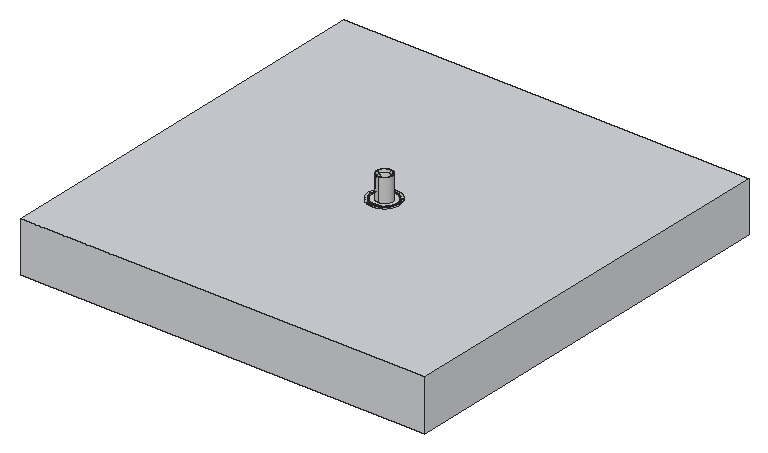
Revit family "LAMP_HANCE DOWNLIGHT SEMIRECESSED MEDIUM FLOOD 3000_4000 (DALI)", category Modelos genéricos, Revit 2015
Parameters (values of type "2744LM 4000K 3000 BLACK")
  Weight = 1.54 kg
  Aro 3000/4000 = yes
  Aro 1000/2000 = no
  Type = "COB PHILIPS"
  Tilting [instance] = if(Tilt < 0.00°, 180.00°, if(Tilt > 85.00°, 265.00°, Tilt + 180.00°))  # 180.00°
  Tilt [instance] = 0.00°
  Recessed diameter = 175 mm
  Protection rating = "IP20"
  Product datasheet = "http://www.lamp.es/product-files/TECH/HD1SR30MF840DBB-EN.pdf"
  Product code = "HD1SR30MF840DBB"
  Product URL = "https://www.lamp.es/en/family/hance-downlight_196363"
  Power Supply = "220-240V 50/60Hz"
  Power = 25 W
  Plum = 27.8 W
  Photometric web file = Cuerpo Hance BASE (tilting)_MF : 2744LM 4000K 3000 BLACK
  Modelo = Product code  # "HD1SR30MF840DBB"
  Model explanation = "Availability of tilting between 0º and 85º when placed in a project."
  Material interior aro = LAMP_Aluminio Hance Negro
  Material aro = LAMP_Aluminio Hance Negro
  Manufacturer name = "LAMP"
  Manufacturer country = "Spain"
  Manufacturer URL = "http://www.lamp.es/en"
  MacAdam = "3"
  Luminaire type = "Indoor - Recessed downlight"
  Last update = "22/11/2019"
  Lamp = "COB LED"
  LED Lifetime = "50.000 L80 B10"
  Insulation class = "II"
  Installation instructions = "https://www.lamp.es/product-files/INS/1004410-B-INSTR.%20DE%20MONTAJE%20HANCE%20DOWNLIGHT.pdf"
  Initial intensity = 2744 lm
  Initial color = 4000 K
  IEE = "A+"
  Gear = "Adjustable DALI"
  Finish = "Texturised black RAL 9011"
  Fabricante = Manufacturer name  # "LAMP"
  Default Elevation = 1219.2 mm
  Efficacy = 98.71 lm/W
  Radio aro exterior = 49 mm
  Diameter = 188 mm
  Descripción = "HANCE DOWN SEMIREC 3000 NW MFL DALI BK."
  Decorative ring [instance] = Aro decorativo 3000_4000 (tilting) : Black
  Comentarios de tipo = Model explanation  # "Availability of tilting between 0º and 85º when placed in a project."
  CRI = "80"
  Altura modulos = 145 mm
Types (8, lengths in mm): name | Product datasheet | Product code | Power | Plum | Photometric web file | Modelo | Material aro | Initial intensity | Initial color | Finish | Efficacy | Descripción
  2744LM 4000K 3000 BLACK | "http://www.lamp.es/product-files/TECH/HD1SR30MF840DBB-EN.pdf" | "HD1SR30MF840DBB" | 25 W | 27.8 W | Cuerpo Hance BASE (tilting)_MF : 2744LM 4000K 3000 BLACK | "HD1SR30MF840DBB" | LAMP_Aluminio Hance Negro | 2744 lm | 4000 K | "Texturised black RAL 9011" | 98.71 lm/W | "HANCE DOWN SEMIREC 3000 NW MFL DALI BK."
  2744LM 4000K 3000 WHITE | "http://www.lamp.es/product-files/TECH/HD1SR30MF840DBW-EN.pdf" | "HD1SR30MF840DBW" | 25 W | 27.8 W | Cuerpo Hance BASE (tilting)_MF : 2744LM 4000K 3000 WHITE | "HD1SR30MF840DBW" | LAMP_Aluminio Hance Blanco | 2744 lm | 4000 K | "Texturised white RAL 9010" | 98.71 lm/W | "HANCE DOWN SEMIREC 3000 NW MFL DALI WH."
  2816LM 3000K 3000 BLACK | "http://www.lamp.es/product-files/TECH/HD1SR30MF830DBB-EN.pdf" | "HD1SR30MF830DBB" | 25 W | 28.2 W | Cuerpo Hance BASE (tilting)_MF : 2816LM 3000K 3000 BLACK | "HD1SR30MF830DBB" | LAMP_Aluminio Hance Negro | 2816 lm | 3000 K | "Texturised black RAL 9011" | 99.85 lm/W | "HANCE DOWN SEMIREC 3000 WW MFL DALI BK."
  2816LM 3000K 3000 WHITE | "http://www.lamp.es/product-files/TECH/HD1SR30MF830DBW-EN.pdf" | "HD1SR30MF830DBW" | 25 W | 28.2 W | Cuerpo Hance BASE (tilting)_MF : 2816LM 3000K 3000 WHITE | "HD1SR30MF830DBW" | LAMP_Aluminio Hance Blanco | 2816 lm | 3000 K | "Texturised white RAL 9010" | 99.85 lm/W | "HANCE DOWN SEMIREC 3000 WW MFL DALI WH."
  3724LM 4000K 4000 BLACK | "http://www.lamp.es/product-files/TECH/HD1SR40MF830DBB-EN.pdf" | "HD1SR40MF830DBB" | 34 W | 37.6 W | Cuerpo Hance BASE (tilting)_MF : 3724LM 3000K 4000 BLACK | "HD1SR40MF830DBB" | LAMP_Aluminio Hance Negro | 3724 lm | 3000 K | "Texturised black RAL 9011" | 99.05 lm/W | "HANCE DOWN SEMIREC 4000 WW MFL DALI BK."
  3724LM 4000K 4000 WHITE | "http://www.lamp.es/product-files/TECH/HD1SR40MF830DBW-EN.pdf" | "HD1SR40MF830DBW" | 34 W | 37.6 W | Cuerpo Hance BASE (tilting)_MF : 3724LM 3000K 4000 WHITE | "HD1SR40MF830DBW" | LAMP_Aluminio Hance Blanco | 3724 lm | 3000 K | "Texturised white RAL 9010" | 99.05 lm/W | "HANCE DOWN SEMIREC 4000 WW MFL DALI WH."
  3875LM 3000K 4000 BLACK | "http://www.lamp.es/product-files/TECH/HD1SR40MF840DBB-EN.pdf" | "HD1SR40MF840DBB" | 34 W | 37.6 W | Cuerpo Hance BASE (tilting)_MF : 3875LM 4000K 4000 BLACK | "HD1SR40MF840DBB" | LAMP_Aluminio Hance Negro | 3875 lm | 4000 K | "Texturised black RAL 9011" | 103.06 lm/W | "HANCE DOWN SEMIREC 4000 NW MFL DALI BK."
  3875LM 3000K 4000 WHITE | "http://www.lamp.es/product-files/TECH/HD1SR40MF840DBW-EN.pdf" | "HD1SR40MF840DBW" | 34 W | 37.6 W | Cuerpo Hance BASE (tilting)_MF : 3875LM 4000K 4000 WHITE | "HD1SR40MF840DBW" | LAMP_Aluminio Hance Blanco | 3875 lm | 4000 K | "Texturised white RAL 9010" | 103.06 lm/W | "HANCE DOWN SEMIREC 4000 NW MFL DALI WH."
Reference planes
  plane 1 "Centro (Frontal/Posterior)": y = 0
  plane 2: z = 0
  plane 3 "Centro (Izquierda/Derecha)": x = 0
Forms (mm)
  Extrusion 1, solid
    sketch origin (0, 0, 0) x (1, 0, 0) y (0, 1, 0)
      loop
        line (-1219.2, 1219.2) -> (-1219.2, -1219.2) -> (1219.2, -1219.2) -> (1219.2, 1219.2) -> (-1219.2, 1219.2)
    from 0 to -304.8
  Revolve 2, solid, material "LAMP_Aluminio Hance Negro" <- "Material aro"
    sketch origin (0, 0, 0) x (1, 0, 0) y (0, 0, 1)
      loop
        line (94, 0) -> (94, 1) -> (79.1, 1) -> (79.1, -38.896) -> (87.1, -38.896) -> (87.1, -37.896) -> (81.6, -37.896) -> (81.6, 0) -> (94, 0)
      axis (0, 1) -> (0, -38.896)
    angle from 0 to 360
  Revolve 3, solid, material "LAMP_Aluminio Hance Negro" <- "Material interior aro", visible <- "Aro 3000/4000"
    sketch origin (0, 0, 0) x (1, 0, 0) y (0, 0, 1)
      loop
        arc (74.724, -0.646) -> (74.448, -1.016) -> (74.348, -1.466) r 1.1
        arc (74.348, -1.466) -> (72.204, -17.889) -> (66.127, -33.297) r 67.535
        arc (66.127, -33.297) -> (65.772, -33.665) -> (65.28, -33.8) r 0.965
        line (65.28, -33.8) -> (0, -33.8) -> (0, -34.8) -> (65.28, -34.8)
        arc (65.28, -34.8) -> (65.772, -34.665) -> (66.127, -34.297) r 0.965
        arc (66.127, -34.297) -> (72.204, -18.889) -> (74.348, -2.466) r 67.535
        arc (74.348, -2.466) -> (74.448, -2.016) -> (74.724, -1.646) r 1.1
        arc (74.724, -1.646) -> (76.762, -0.425) -> (79.1, 0) r 6.641
        line (79.1, 0) -> (79.1, 1)
        arc (79.1, 1) -> (76.762, 0.575) -> (74.724, -0.646) r 6.641
      axis (0, 1) -> (0, -34.8)
    angle from 0 to 360
  Extrusion 4, void
    sketch origin (0, 0, 0) x (1, 0, 0) y (0, 1, 0)
      loop
        line (22.671, 46.054) -> (-22.668, 46.054)
        arc (-22.668, 46.054) -> (-69.098, -0.376) -> (-22.668, -46.807) r 46.43
        line (-22.668, -46.807) -> (22.671, -46.807)
        arc (22.671, -46.807) -> (69.102, -0.376) -> (22.671, 46.054) r 46.43
    from -196.113 to 250
Cuts and joins
  Extrusion 4 cuts Revolve 3
Text (mm)
  text "Any modification of the parameters and properties of the LAMP BIM models must be executed and validated by the LAMP technical department.\n\nPhone: +34 93 736 68 00\n\nE-mail: lamp@lamp.es\n\n\n\nLAMP reserves the right to modify the technical specifications of its products." at (39771.841, -40794.867, 40621.237), in view "Preview"
Dimensions and locks
  aligned and locked: plane 2 to Extrusion 1
  aligned and locked: level to Extrusion 1
Nested families
  nested 1: "Aro decorativo 3000_4000 (tilting)" at (0, 0, 66.118) x (1, 0, 0) z (0, 0, -1), type <- "Decorative ring", type "Black"
    with Tilting 180.00°
  nested 2: "Cuerpo Hance BASE (tilting)_MF" at (0, 1.967, 45.838), type <- "Photometric web file", type "2744LM 4000K 3000 BLACK"
    with Tilting 180.00°
Definition of nested family "Aro decorativo 3000_4000 (tilting)"
  Parameters (values of type "Black")
    Weight (3000/4000) = 0.016 kg
    Weight (1000/2000) = 0.01 kg
    Tilting = 0.00°
    Product datasheet = ""
    Product code (3000/4000) = "HSRI90C"
    Product code (1000/2000) = "HSRI65C"
    Product URL = ""
    Model = ""
    Material aro = none
    Manufacturer name = "LAMP"
    Manufacturer country = "Spain"
    Manufacturer URL = "http://www.lamp.es/en"
    Longitud = 42.5 mm
    Last update = "21/05/2018"
    Installation instructions = ""
    Finish = "Metalized matt copper"
    Manufacturer = Manufacturer name  # "LAMP"
    Default Elevation = 1219.2 mm
    Diameter (3000/4000) = 90 mm
    Diameter (1000/2000) = 65 mm
    Description = ""
    Accessory Type = "Optic"
    3000/4000 Model = "HSRI90C"
    3000/4000 Description = "HANCE 3000/4000 ACC. RING DECO CO."
    1000/2000 Model = "HSRI65C"
    1000/2000 Description = "HANCE 1000/2000 ACC. RING DECO CO."
  Types (5, lengths in mm): name | Product code (3000/4000) | Product code (1000/2000) | Finish | 3000/4000 Model | 3000/4000 Description | 1000/2000 Model | 1000/2000 Description
    (no name) | "HSRI90C" | "HSRI65C" | "Metalized matt copper" | "HSRI90C" | "HANCE 3000/4000 ACC. RING DECO CO." | "HSRI65C" | "HANCE 1000/2000 ACC. RING DECO CO."
    Black | "HSRI90C" | "HSRI65C" | "Metalized matt copper" | "HSRI90C" | "HANCE 3000/4000 ACC. RING DECO CO." | "HSRI65C" | "HANCE 1000/2000 ACC. RING DECO CO."
    Copper | "HSRI90C" | "HSRI65C" | "Metalized matt copper" | "HSRI90C" | "HANCE 3000/4000 ACC. RING DECO CO." | "HSRI65C" | "HANCE 1000/2000 ACC. RING DECO CO."
    Grey | "HSRI90M" | "HSRI65M" | "Metalized matt silver" | "HSRI90M" | "HANCE 3000/4000 ACC. RING DECO MET." | "HSRI65M" | "HANCE 1000/2000 ACC. RING DECO MET."
    White | "HSRI90W" | "HSRI65W" | "Matt White" | "HSRI90W" | "HANCE 3000/4000 ACC. RING DECO WH." | "HSRI65W" | "HANCE 1000/2000 ACC. RING DECO WH."
  Reference planes
    plane 1 "Centro (Frontal/Posterior)": y = 0
    plane 2: z = 0
    plane 3 "Centro (Izquierda/Derecha)": x = 0
  Lines and regions (mm)
    reference lines
      curve 1: line (0, 0, 0) -> (0, 0, 80.8)
    model lines
      curve 2: line (68.747, 0, 0) -> (69.9, 0, 0)
  Text (mm)
    text "Any modification of the parameters and properties of the LAMP BIM models must be executed and validated by the LAMP technical department.\n\nPhone: +34 93 736 68 00\n\nE-mail: lamp@lamp.es\n\n\n\nLAMP reserves the right to modify the technical specifications of its products." at (86527.204, -96597.187, 50741.736), in view "Preview"
  Dimensions and locks
    "Tilting": angle curve 1 to plane 3 "Centro (Izquierda/Derecha)"
    aligned and locked: level to plane 2
    aligned and locked: plane 3 "Centro (Izquierda/Derecha)" to curve 1
    aligned and locked: plane 2 to curve 1
  Automatic sketch dimensions
    curve 2 to level = 0 mm
    plane 3 "Centro (Izquierda/Derecha)" to curve 2 = 68.747 mm
    curve 2 to curve 2 = 1.153 mm
  Nested families
    nested 1: "Aro decorativo 3000_4000" at (-27.9, 0, 17.2) x (0, 0, 1) z (-1, 0, 0), type "Copper"
  Definition of nested family "Aro decorativo 3000_4000"
    Parameters (values of type "Black")
      Weight (3000/4000) = 0.016 kg
      Weight (1000/2000) = 0.01 kg
      Product datasheet = ""
      Product code (3000/4000) = "HSRI90C"
      Product code (1000/2000) = "HSRI65C"
      Product URL = ""
      Model = ""
      Material aro = none
      Manufacturer name = "LAMP"
      Manufacturer country = "Spain"
      Manufacturer URL = "http://www.lamp.es/en"
      Longitud = 42.5 mm
      Last update = "21/05/2018"
      Installation instructions = ""
      Finish = "Metalized matt copper"
      Manufacturer = Manufacturer name  # "LAMP"
      Default Elevation = 1219.2 mm
      Diametro vaciado aro interior = if(Diametro aro interior = 35.4 mm, 34.4 mm, 21.9 mm)  # 34.4 mm
      Diametro vaciado aro exterior = if(Diametro aro exterior = 42.9 mm, 41.9 mm, 29.4 mm)  # 41.9 mm
      Diametro aro interior = if(Diametro aro exterior = 42.9 mm, 35.4 mm, 22.9 mm)  # 35.4 mm
      Diametro aro exterior = if(Longitud = 42.5 mm, 42.9 mm, 30.4 mm)  # 42.9 mm
      Diameter (3000/4000) = 90 mm
      Diameter (1000/2000) = 65 mm
      Description = ""
      Accessory Type = "Optic"
      3000/4000 Model = "HSRI90C"
      3000/4000 Description = "HANCE 3000/4000 ACC. RING DECO CO."
      1000/2000 Description = "HANCE 1000/2000 ACC. RING DECO CO."
      1000/2000 Model = "HSRI65C"
    Types (4, lengths in mm): name | Manufacturer URL
      Black | "http://www.lamp.es/en"
      Copper | "http://www.lamp.es/en"
      Grey | "http://www.lamp.es/en"
      White | ""
    Reference planes
      plane 1 "Centro (Frontal/Posterior)": y = 0
      plane 2: z = 0
      plane 3 "Centro (Izquierda/Derecha)": x = 0
    Forms (mm)
      Revolve 1, solid, material <- "Material aro"
        sketch origin (0, 0, -27.9) x (1, 0, 0) y (0, 0, 1)
          loop
            line (42.5, 0) -> (52.682, 0) -> (52.682, 42.9) -> (42.5, 35.4) -> (42.5, 0)
          axis (52.682, 0) -> (42.5, 0)
        angle from 0 to 360
      Revolve 2, void
        sketch origin (0, 0, -27.9) x (1, 0, 0) y (0, 0, 1)
          loop
            line (52.682, 41.9) -> (42.5, 34.4) -> (42.5, 0) -> (52.682, 0) -> (52.682, 41.9)
          axis (42.5, 0) -> (52.682, 0)
        angle from 0 to 360
    Cuts and joins
      Revolve 2 cuts Revolve 1
    Lines and regions (mm)
      reference lines
        curve 1: line (0, 0, -27.9) -> (42.5, 0, -27.9)
    Text (mm)
      text "Any modification of the parameters and properties of the LAMP BIM models must be executed and validated by the LAMP technical department.\n\nPhone: +34 93 736 68 00\n\nE-mail: lamp@lamp.es\n\n\n\nLAMP reserves the right to modify the technical specifications of its products." at (91886.357, -93022.329, 47898.266), in view "Preview"
    Dimensions and locks
      "Diametro aro exterior": Revolve 1 sketch curve to Revolve 1 sketch curve
      "Diametro vaciado aro exterior": Revolve 2 sketch curve to Revolve 2 sketch curve
      "Longitud": curve 1 to plane 3 "Centro (Izquierda/Derecha)"
      "Diametro aro interior": Revolve 1 sketch curve to Revolve 1 sketch curve
      "Diametro vaciado aro interior": Revolve 2 sketch curve to Revolve 2 sketch curve
      aligned and locked: level to plane 2
    Automatic sketch dimensions
      Revolve 1 sketch curve to curve 1 = 0 mm  (x4)
      curve 1 to Revolve 1 sketch curve = 10.182 mm
      Revolve 1 sketch curve to Revolve 1 sketch curve = 0 mm
      Revolve 2 sketch curve to curve 1 = 0 mm  (x3)
      curve 1 to Revolve 2 sketch curve = 10.182 mm
      Revolve 2 sketch curve to curve 1 = 1261.008 mm
      Revolve 2 sketch curve to Revolve 2 sketch curve = 1898.983 mm
      curve 1 to plane 3 "Centro (Izquierda/Derecha)" = 0 mm
      curve 1 to level = 27.9 mm
Definition of nested family "Cuerpo Hance BASE (tilting)_MF"
  Parameters (values of type "740LM 4000K 1000 BLACK")
    Tilting = 90.00°
    Photometric web file = Cuerpo Hance BASE_MF : 740LM 4000K 1000 BLACK
    Default Elevation = 1219.2 mm
  Types (17, lengths in mm): name | Photometric web file
    (no name) | Cuerpo Hance BASE_MF : 740LM 4000K 1000 BLACK
    740LM 4000K 1000 BLACK | Cuerpo Hance BASE_MF : 740LM 4000K 1000 BLACK
    740LM 4000K 1000 WHITE | Cuerpo Hance BASE_MF : 740LM 4000K 1000 WHITE
    806LM 3000K 1000 BLACK | Cuerpo Hance BASE_MF : 806LM 3000K 1000 BLACK
    806LM 3000K 1000 WHITE | Cuerpo Hance BASE_MF : 806LM 3000K 1000 WHITE
    1606LM 4000K 2000 BLACK | Cuerpo Hance BASE_MF : 1606LM 4000K 2000 BLACK
    1606LM 4000K 2000 WHITE | Cuerpo Hance BASE_MF : 1606LM 4000K 2000 WHITE
    1760LM 3000K 2000 BLACK | Cuerpo Hance BASE_MF : 1760LM 3000K 2000 BLACK
    1760LM 3000K 2000 WHITE | Cuerpo Hance BASE_MF : 1760LM 3000K 2000 WHITE
    2744LM 4000K 3000 BLACK | Cuerpo Hance BASE_MF : 2744LM 4000K 3000 BLACK
    2744LM 4000K 3000 WHITE | Cuerpo Hance BASE_MF : 2744LM 4000K 3000 WHITE
    2816LM 3000K 3000 BLACK | Cuerpo Hance BASE_MF : 2816LM 3000K 3000 BLACK
    2816LM 3000K 3000 WHITE | Cuerpo Hance BASE_MF : 2816LM 3000K 3000 WHITE
    3724LM 3000K 4000 BLACK | Cuerpo Hance BASE_MF : 3724LM 3000K 4000 BLACK
    3724LM 3000K 4000 WHITE | Cuerpo Hance BASE_MF : 3724LM 3000K 4000 WHITE
    3875LM 4000K 4000 BLACK | Cuerpo Hance BASE_MF : 3875LM 4000K 4000 BLACK
    3875LM 4000K 4000 WHITE | Cuerpo Hance BASE_MF : 3875LM 4000K 4000 WHITE
  Reference planes
    plane 1 "Centro (Frontal/Posterior)": y = 0
    plane 2: z = 0
    plane 3 "Centro (Izquierda/Derecha)": x = 0
  Lines and regions (mm)
    reference lines
      curve 1: line (0, 0, 0) -> (200, 0, 0)
  Dimensions and locks
    "Tilting": angle plane 3 "Centro (Izquierda/Derecha)" to curve 1
    aligned and locked: level to plane 2
    aligned and locked: plane 3 "Centro (Izquierda/Derecha)" to curve 1
    aligned and locked: plane 2 to curve 1
  Nested families
    nested 1: "Cuerpo Hance BASE_MF" at (-12.838, -1.967, 27.875), type <- "Photometric web file", type "740LM 4000K 1000 BLACK"
  Definition of nested family "Cuerpo Hance BASE_MF"
    Parameters (values of type "740LM 4000K 1000 BLACK")
      Tilt Angle = 90.00° + Tilting  # 180.00°
      Wattage = 7.6 W
      Tilting = 90.00°
      built-in parameter 1150107 = 4000 (stored number, unit not read)
      Radio vacio posterior = Radio cuerpo - 2.2 mm  # 30.3 mm
      Radio vaciado = Radio cuerpo - 1.5 mm  # 31 mm
      Radio cuerpo = if(Longitud cuerpo = 145 mm, 45 mm, 32.5 mm)  # 32.5 mm
      built-in parameter 1150110 = 1 (stored number, unit not read)
      built-in parameter 1150109 = 1 (stored number, unit not read)
      built-in parameter 1150112 = 1 (stored number, unit not read)
      built-in parameter 1150113 = 1 (stored number, unit not read)
      built-in parameter 1114218 = 1 (stored number, unit not read)
      built-in parameter 1150137 = (empty or 0)
      built-in parameter 1150132 = 2
      Material reflector = none
      Material cuerpo = none
      Material COB = none
      Longitud cuerpo = 100 mm
      Long. origen luz = if(Longitud cuerpo = 100 mm, 20 mm, if(Longitud cuerpo = 170 mm, 55 mm, 90 mm))  # 20 mm
      L_3 = if(Ancho disipador posterior = 80.4 mm, 39.6 mm, 12 mm)  # 12 mm
      L_2 = if(Ancho disipador posterior = 80.4 mm, 36.3 mm, 22.6 mm)  # 22.6 mm
      L_1 = if(Ancho disipador posterior = 80.4 mm, 36.8 mm, 25.4 mm)  # 25.4 mm
      built-in parameter 1150105 = 2444 (stored number, unit not read)
      built-in parameter 1150102 = (empty or 0)
      built-in parameter 1150106 = 24.44 (stored number, unit not read)
      Lumens = 740.012 lm
      Color Filter = 16777215
      built-in parameter 1114217 = 1 (stored number, unit not read)
      built-in parameter 1150139 = (empty or 0)
      Default Elevation = 1219.2 mm
      built-in parameter 1150104 = 9.046 (stored number, unit not read)
      Diametro aro = if(Radio cuerpo = 45 mm, 42.9 mm, 30.4 mm)  # 30.4 mm
      built-in parameter 1150115 = 1 (stored number, unit not read)
      built-in parameter 1150114 = 1 (stored number, unit not read)
      built-in parameter 1150138 = (empty or 0)
      built-in parameter 1150134 = 12
      Dimming Lamp Color Temperature Shift = (empty or 0)
      Photometric Web File = "HD1RE10MF840NBB.IES"
      Ancho vaciado reflector = if(Radio cuerpo = 45 mm, 34.4 mm, 21.9 mm)  # 21.9 mm
      Ancho reflector = if(Radio cuerpo = 45 mm, 35.4 mm, 22.9 mm)  # 22.9 mm
      Ancho disipador posterior = if(Radio cuerpo = 32.5 mm, 53 mm, 80.4 mm)  # 53 mm
      built-in parameter 1150133 = 10 (stored number, unit not read)
      Altura disipador superior = if(Radio cuerpo = 45 mm, 23.9 mm, 36.9 mm)  # 36.9 mm
      Ancho disipador superior = if(Radio cuerpo = 45 mm, 28 mm, 22.6 mm)  # 22.6 mm
    Types (16, lengths in mm): name | Wattage | built-in parameter 1150107 | Radio vacio posterior | Radio vaciado | Radio cuerpo | Longitud cuerpo | Long. origen luz | L_3 | L_2 | L_1 | built-in parameter 1150105 | built-in parameter 1150106 | Lumens | built-in parameter 1150104 | Diametro aro | built-in parameter 1150134 | Photometric Web File | Ancho vaciado reflector | Ancho reflector | Ancho disipador posterior | Altura disipador superior | Ancho disipador superior
      740LM 4000K 1000 BLACK | 7.6 W | 4000 (stored number, unit not read) | 30.3 | 31 | 32.5 | 100 | 20 | 12 | 22.6 | 25.4 | 2444 (stored number, unit not read) | 24.44 (stored number, unit not read) | 740.012 lm | 9.046 (stored number, unit not read) | 30.4 | 12 | "HD1RE10MF840NBB.IES" | 21.9 | 22.9 | 53 | 36.9 | 22.6
      740LM 4000K 1000 WHITE | 7.6 W | 4000 (stored number, unit not read) | 30.3 | 31 | 32.5 | 100 | 20 | 12 | 22.6 | 25.4 | 2444 (stored number, unit not read) | 24.44 (stored number, unit not read) | 740.012 lm | 9.046 (stored number, unit not read) | 30.4 | 12 | "HD1RE10MF840NBW.IES" | 21.9 | 22.9 | 53 | 36.9 | 22.6
      806LM 3000K 1000 BLACK | 7.7 W | 3000 (stored number, unit not read) | 30.3 | 31 | 32.5 | 100 | 20 | 12 | 22.6 | 25.4 | 2662.5 (stored number, unit not read) | 26.625 (stored number, unit not read) | 806.19 lm | 9.7269 (stored number, unit not read) | 30.4 | (empty or 0) | "HD1RE10MF830NBB.IES" | 21.9 | 22.9 | 53 | 36.9 | 22.6
      806LM 3000K 1000 WHITE | 7.7 W | 3000 (stored number, unit not read) | 30.3 | 31 | 32.5 | 100 | 20 | 12 | 22.6 | 25.4 | 2662.5 (stored number, unit not read) | 26.625 (stored number, unit not read) | 806.19 lm | 9.7269 (stored number, unit not read) | 30.4 | (empty or 0) | "HD1RE10MF830NBW.IES" | 21.9 | 22.9 | 53 | 36.9 | 22.6
      1606LM 4000K 2000 BLACK | 20.6 W | 4000 (stored number, unit not read) | 30.3 | 31 | 32.5 | 100 | 20 | 12 | 22.6 | 25.4 | 5303.9 (stored number, unit not read) | 53.039 (stored number, unit not read) | 1605.98 lm | 7.2427 (stored number, unit not read) | 30.4 | 12 | "HD1RE20MF840NBB.IES" | 21.9 | 22.9 | 53 | 36.9 | 22.6
      1606LM 4000K 2000 WHITE | 20.6 W | 4000 (stored number, unit not read) | 30.3 | 31 | 32.5 | 100 | 20 | 12 | 22.6 | 25.4 | 5303.9 (stored number, unit not read) | 53.039 (stored number, unit not read) | 1605.98 lm | 7.2427 (stored number, unit not read) | 30.4 | 12 | "HD1RE20MF840NBW.IES" | 21.9 | 22.9 | 53 | 36.9 | 22.6
      1760LM 3000K 2000 BLACK | 20.7 W | 3000 (stored number, unit not read) | 30.3 | 31 | 32.5 | 100 | 20 | 12 | 22.6 | 25.4 | 5818.7 (stored number, unit not read) | 58.187 (stored number, unit not read) | 1759.71 lm | 7.8977 (stored number, unit not read) | 30.4 | (empty or 0) | "HD1RE20MF830NBB.IES" | 21.9 | 22.9 | 53 | 36.9 | 22.6
      1760LM 3000K 2000 WHITE | 20.7 W | 3000 (stored number, unit not read) | 30.3 | 31 | 32.5 | 100 | 20 | 12 | 22.6 | 25.4 | 5818.7 (stored number, unit not read) | 58.187 (stored number, unit not read) | 1759.71 lm | 7.8977 (stored number, unit not read) | 30.4 | (empty or 0) | "HD1RE20MF830NBW.IES" | 21.9 | 22.9 | 53 | 36.9 | 22.6
      2744LM 4000K 3000 BLACK | 27.8 W | 4000 (stored number, unit not read) | 42.8 | 43.5 | 45 | 145 | 90 | 39.6 | 36.3 | 36.8 | 9073.9 (stored number, unit not read) | 90.739 (stored number, unit not read) | 2744.14 lm | 9.1705 (stored number, unit not read) | 42.9 | 12 | "HD1RE30MF840NBB.IES" | 34.4 | 35.4 | 80.4 | 23.9 | 28
      2744LM 4000K 3000 WHITE | 27.8 W | 4000 (stored number, unit not read) | 42.8 | 43.5 | 45 | 145 | 90 | 39.6 | 36.3 | 36.8 | 9073.9 (stored number, unit not read) | 90.739 (stored number, unit not read) | 2744.14 lm | 9.1705 (stored number, unit not read) | 42.9 | 12 | "HD1RE30MF840NBW.IES" | 34.4 | 35.4 | 80.4 | 23.9 | 28
      2816LM 3000K 3000 BLACK | 28.2 W | 3000 (stored number, unit not read) | 42.8 | 43.5 | 45 | 145 | 90 | 39.6 | 36.3 | 36.8 | 12461.1 (stored number, unit not read) | 124.61 (stored number, unit not read) | 2815.77 lm | 9.2764 (stored number, unit not read) | 42.9 | (empty or 0) | "HD1RE30MF830NBB.IES" | 34.4 | 35.4 | 80.4 | 23.9 | 28
      2816LM 3000K 3000 WHITE | 28.2 W | 3000 (stored number, unit not read) | 42.8 | 43.5 | 45 | 145 | 90 | 39.6 | 36.3 | 36.8 | 12461.1 (stored number, unit not read) | 124.61 (stored number, unit not read) | 2815.77 lm | 9.2764 (stored number, unit not read) | 42.9 | (empty or 0) | "HD1RE30MF830NBW.IES" | 34.4 | 35.4 | 80.4 | 23.9 | 28
      3724LM 3000K 4000 BLACK | 37.6 W | 3000 (stored number, unit not read) | 42.8 | 43.5 | 45 | 145 | 90 | 39.6 | 36.3 | 36.8 | 16481.7 (stored number, unit not read) | 164.82 (stored number, unit not read) | 3724.28 lm | 9.202 (stored number, unit not read) | 42.9 | (empty or 0) | "HD1RE40MF830NBB.IES" | 34.4 | 35.4 | 80.4 | 23.9 | 28
      3724LM 3000K 4000 WHITE | 37.6 W | 3000 (stored number, unit not read) | 42.8 | 43.5 | 45 | 145 | 90 | 39.6 | 36.3 | 36.8 | 16481.7 (stored number, unit not read) | 164.82 (stored number, unit not read) | 3724.28 lm | 9.202 (stored number, unit not read) | 42.9 | (empty or 0) | "HD1RE40MF830NBW.IES" | 34.4 | 35.4 | 80.4 | 23.9 | 28
      3875LM 4000K 4000 BLACK | 37.6 W | 4000 (stored number, unit not read) | 42.8 | 43.5 | 45 | 145 | 90 | 39.6 | 36.3 | 36.8 | 15793 (stored number, unit not read) | 157.93 (stored number, unit not read) | 3875.06 lm | 9.5746 (stored number, unit not read) | 42.9 | 12 | "HD1RE40MF840NBB.IES" | 34.4 | 35.4 | 80.4 | 23.9 | 28
      3875LM 4000K 4000 WHITE | 37.6 W | 4000 (stored number, unit not read) | 42.8 | 43.5 | 45 | 145 | 90 | 39.6 | 36.3 | 36.8 | 15793 (stored number, unit not read) | 157.93 (stored number, unit not read) | 3875.06 lm | 9.5746 (stored number, unit not read) | 42.9 | 12 | "HD1RE40MF840NBW.IES" | 34.4 | 35.4 | 80.4 | 23.9 | 28
    Reference planes
      plane 1 "Centro (Frontal/Posterior)": y = 0
      plane 2: z = 0
      plane 3 "Centro (Izquierda/Derecha)": x = 0
    Forms (mm)
      Extrusion 1, solid, material <- "Material cuerpo"
        sketch origin (0, 0, 0) x (0, -1, 0) y (0, 0, 1)
          loop
            circle (0, -27.875) r 32.5
        from -58 to 42
      Extrusion 2, void
        sketch origin (0, 0, 0) x (0, 1, 0) y (0, 0, 1)
          loop
            line (11.3, 30) -> (-11.3, 30) -> (-11.3, -6.9)
            arc (-11.3, -6.9) -> (0, -7.855) -> (11.3, -6.9) r 67.349
            line (11.3, -6.9) -> (11.3, 30)
        from -42 to 9.4
      Extrusion 3, void
        sketch origin (0, 0, 0) x (0, 1, 0) y (0, 0, 1)
          loop
            circle (0, -27.875) r 30.3
        from -42 to -41
      Extrusion 4, void
        sketch origin (0, 0, 0) x (0, 1, 0) y (0, 0, 1)
          loop
            line (26.5, -26.291) -> (-26.5, -26.291)
            arc (-26.5, -26.291) -> (-27.7, -27.491) -> (-26.5, -28.691) r 1.2
            line (-26.5, -28.691) -> (26.5, -28.691)
            arc (26.5, -28.691) -> (27.7, -27.491) -> (26.5, -26.291) r 1.2
          loop
            line (26.115, -30.891) -> (-26.115, -30.891)
            arc (-26.115, -30.891) -> (-27.315, -32.091) -> (-26.115, -33.291) r 1.2
            line (-26.115, -33.291) -> (26.115, -33.291)
            arc (26.115, -33.291) -> (27.315, -32.091) -> (26.115, -30.891) r 1.2
          loop
            line (25.4, -35.55) -> (-24.915, -35.55)
            arc (-24.915, -35.55) -> (-26.115, -36.75) -> (-24.915, -37.95) r 1.2
            line (-24.915, -37.95) -> (25.4, -37.95)
            arc (25.4, -37.95) -> (26.6, -36.75) -> (25.4, -35.55) r 1.2
          loop
            line (22.6, -40.091) -> (-22.64, -40.091)
            arc (-22.64, -40.091) -> (-23.84, -41.291) -> (-22.64, -42.491) r 1.2
            line (-22.64, -42.491) -> (22.6, -42.491)
            arc (22.6, -42.491) -> (23.8, -41.291) -> (22.6, -40.091) r 1.2
          loop
            line (19.043, -44.691) -> (-19.086, -44.691)
            arc (-19.086, -44.691) -> (-20.286, -45.891) -> (-19.086, -47.091) r 1.2
            line (-19.086, -47.091) -> (19.043, -47.091)
            arc (19.043, -47.091) -> (20.243, -45.891) -> (19.043, -44.691) r 1.2
          loop
            line (15.357, -49.291) -> (-15.5, -49.291)
            arc (-15.5, -49.291) -> (-16.6, -50.391) -> (-15.5, -51.491) r 1.1
            line (-15.5, -51.491) -> (15.357, -51.491)
            arc (15.357, -51.491) -> (16.457, -50.391) -> (15.357, -49.291) r 1.1
          loop
            line (6, -53.691) -> (-6, -53.691)
            arc (-6, -53.691) -> (-7.1, -54.791) -> (-6, -55.891) r 1.1
            line (-6, -55.891) -> (6, -55.891)
            arc (6, -55.891) -> (7.1, -54.791) -> (6, -53.691) r 1.1
        from -42 to -38.7
      Extrusion 5, void
        sketch origin (0, 0, 0) x (-1, 0, 0) y (0, -1, 0)
          loop
            line (37.7, -9.12) -> (37.7, 9.12)
            arc (37.7, 9.12) -> (36.6, 10.22) -> (35.5, 9.12) r 1.1
            line (35.5, 9.12) -> (35.5, -9.12)
            arc (35.5, -9.12) -> (36.6, -10.22) -> (37.7, -9.12) r 1.1
          loop
            line (28.9, -9.12) -> (28.9, 9.12)
            arc (28.9, 9.12) -> (27.8, 10.22) -> (26.7, 9.12) r 1.1
            line (26.7, 9.12) -> (26.7, -9.12)
            arc (26.7, -9.12) -> (27.8, -10.22) -> (28.9, -9.12) r 1.1
          loop
            line (20.1, -9.12) -> (20.1, 9.12)
            arc (20.1, 9.12) -> (19, 10.22) -> (17.9, 9.12) r 1.1
            line (17.9, 9.12) -> (17.9, -9.12)
            arc (17.9, -9.12) -> (19, -10.22) -> (20.1, -9.12) r 1.1
        from -51.491 to 30
      Extrusion 6, void
        sketch origin (0, 0, 0) x (-1, 0, 0) y (0, -1, 0)
          loop
            line (33.3, -9.12) -> (33.3, 9.12)
            arc (33.3, 9.12) -> (32.2, 10.22) -> (31.1, 9.12) r 1.1
            line (31.1, 9.12) -> (31.1, -9.12)
            arc (31.1, -9.12) -> (32.2, -10.22) -> (33.3, -9.12) r 1.1
          loop
            line (24.5, -9.12) -> (24.5, 9.12)
            arc (24.5, 9.12) -> (23.4, 10.22) -> (22.3, 9.12) r 1.1
            line (22.3, 9.12) -> (22.3, -9.12)
            arc (22.3, -9.12) -> (23.4, -10.22) -> (24.5, -9.12) r 1.1
        from -8.232 to 30
      Extrusion 7, void
        sketch origin (0, 0, 0) x (0, 1, 0) y (0, 0, 1)
          loop
            circle (0, -27.875) r 31
        from 17.213 to 58
      Revolve 8, solid, material <- "Material reflector"
        sketch origin (0, 0, 0) x (1, 0, 0) y (0, 0, 1)
          loop
            line (25.5, -27.875) -> (45.818, -27.875) -> (45.818, -4.975) -> (25.5, -19.875) -> (25.5, -27.875)
          axis (25.5, -27.875) -> (45.818, -27.875)
        angle from 0 to 360
      Revolve 9, void
        sketch origin (0, 0, 0) x (1, 0, 0) y (0, 0, 1)
          loop
            line (45.818, -5.975) -> (26.5, -20.142) -> (25.5, -20.142) -> (25.5, -27.875) -> (26.5, -27.875) -> (45.818, -27.875) -> (45.818, -5.975)
          axis (45.818, -27.875) -> (25.5, -27.875)
        angle from 0 to 360
      Extrusion 10, solid, material <- "Material COB"
        sketch origin (0, 0, 0) x (0, -1, 0) y (0, 0, 1)
          loop
            circle (0, -27.875) r 7.733
        from -26.5 to -25.5
    Cuts and joins
      Extrusion 2, Extrusion 3, Extrusion 4, Extrusion 5, Extrusion 6, Extrusion 7 cuts Extrusion 1
      Revolve 9 cuts Revolve 8
    Lines and regions (mm)
      reference lines
        curve 1: line (0, 0, 0) -> (178.042, 0, 0)
        curve 2: line (93, 0, -27.875) -> (113, 0, -27.875)
        curve 3: line (0, 0, 0) -> (0, 0, -75)
        curve 4: line (93, 0, -22.875) -> (93, 0, -32.875)
    Text (mm)
      text "Any modification of the parameters and properties of the LAMP BIM models must be executed and validated by the LAMP technical department.\n\nPhone: +34 93 736 68 00\n\nE-mail: lamp@lamp.es\n\n\n\nLAMP reserves the right to modify the technical specifications of its products." at (97482.136, -81600.41, 57308.082), in view "Preview"
    Dimensions and locks
      locked: Revolve 9 sketch curve to cut or joined group of Extrusion 1, Extrusion 2, Extrusion 3, Extrusion 4, Extrusion 5, Extrusion 6, Extrusion 7 at 12.182
      "Longitud cuerpo": cut or joined group of Extrusion 1, Extrusion 2, Extrusion 3, Extrusion 4, Extrusion 5, Extrusion 6, Extrusion 7 to cut or joined group of Extrusion 1, Extrusion 2, Extrusion 3, Extrusion 4, Extrusion 5, Extrusion 6, Extrusion 7
      locked: cut or joined group of Extrusion 1, Extrusion 2, Extrusion 3, Extrusion 4, Extrusion 5, Extrusion 6, Extrusion 7 to curve 3 at 42
      locked: cut or joined group of Revolve 8, Revolve 9 to cut or joined group of Extrusion 1, Extrusion 2, Extrusion 3, Extrusion 4, Extrusion 5, Extrusion 6, Extrusion 7 at 12.182
      locked: cut or joined group of Revolve 8, Revolve 9 to cut or joined group of Revolve 8, Revolve 9 at 20.318
      locked: cut or joined group of Extrusion 1, Extrusion 2, Extrusion 3, Extrusion 4, Extrusion 5, Extrusion 6, Extrusion 7 to Extrusion 10 at 31.5
      locked: Extrusion 10 to Extrusion 10 at 1
      "Long. origen luz": curve 4 to curve 2
      equal spacing: Extrusion 4 sketch curve, plane 1 "Centro (Frontal/Posterior)", Extrusion 4 sketch curve  (x2)
      "Ancho disipador posterior": Extrusion 4 sketch curve to Extrusion 4 sketch curve
      "L_1": Extrusion 4 sketch curve to plane 1 "Centro (Frontal/Posterior)"
      "L_2": Extrusion 4 sketch curve to curve 3
      "L_3": Extrusion 4 sketch curve to Extrusion 4 sketch curve
      equal spacing: Extrusion 2 sketch curve, plane 1 "Centro (Frontal/Posterior)", Extrusion 2 sketch curve
      "Ancho disipador superior": Extrusion 2 sketch curve to Extrusion 2 sketch curve
      "Altura disipador superior": Extrusion 2 sketch curve to Extrusion 2 sketch curve
      locked: plane 2 to Extrusion 2 sketch curve at 30
      "Ancho reflector": Revolve 8 sketch curve to imposter light
      "Ancho vaciado reflector": Revolve 9 sketch curve to imposter light
      "Radio cuerpo": radius of Extrusion 1 sketch curve
      "Radio vaciado": radius of Extrusion 7 sketch curve
      "Radio vacio posterior": radius of Extrusion 3 sketch curve
      "Tilting": angle plane 3 "Centro (Izquierda/Derecha)" to curve 1
      aligned and locked: level to plane 2
      aligned and locked: imposter light to curve 2  (x2)
      aligned and locked: cut or joined group of Extrusion 1, Extrusion 2, Extrusion 3, Extrusion 4, Extrusion 5, Extrusion 6, Extrusion 7 to cut or joined group of Extrusion 1, Extrusion 2, Extrusion 3, Extrusion 4, Extrusion 5, Extrusion 6, Extrusion 7
    Automatic sketch dimensions
      curve 1 to Extrusion 5 sketch curve = 17.9 mm
      Extrusion 5 sketch curve to Extrusion 5 sketch curve = 1.1 mm  (x3)
      Extrusion 5 sketch curve to Extrusion 5 sketch curve = 6.6 mm  (x2)
      Extrusion 5 sketch curve to curve 1 = 9.12 mm  (x2)
      Extrusion 5 sketch curve to Extrusion 5 sketch curve = 0 mm  (x3)
      curve 1 to Extrusion 5 sketch curve = 9.12 mm
      curve 1 to Extrusion 6 sketch curve = 22.3 mm
      Extrusion 6 sketch curve to Extrusion 6 sketch curve = 1.1 mm  (x2)
      Extrusion 6 sketch curve to Extrusion 6 sketch curve = 6.6 mm
      Extrusion 6 sketch curve to curve 1 = 9.12 mm
      Extrusion 6 sketch curve to Extrusion 6 sketch curve = 0 mm  (x2)
      curve 1 to Extrusion 6 sketch curve = 9.12 mm
      Extrusion 10 sketch curve to plane 1 "Centro (Frontal/Posterior)" = 0 mm
      Extrusion 1 sketch curve to plane 1 "Centro (Frontal/Posterior)" = 0 mm
      Extrusion 1 sketch curve to level = 27.875 mm
      Extrusion 2 sketch curve to plane 1 "Centro (Frontal/Posterior)" = 0 mm
      Extrusion 2 sketch curve to Extrusion 2 sketch curve = 29.494 mm
      Extrusion 3 sketch curve to plane 1 "Centro (Frontal/Posterior)" = 0 mm
      Extrusion 3 sketch curve to level = 27.875 mm
      Extrusion 4 sketch curve to Extrusion 4 sketch curve = 0.385 mm  (x2)
      Extrusion 4 sketch curve to Extrusion 4 sketch curve = 1.2 mm  (x6)
      Extrusion 4 sketch curve to Extrusion 4 sketch curve = 2.276 mm
      Extrusion 4 sketch curve to Extrusion 4 sketch curve = 3.554 mm
      Extrusion 4 sketch curve to Extrusion 4 sketch curve = 3.586 mm
      Extrusion 4 sketch curve to Extrusion 4 sketch curve = 9.357 mm
      Extrusion 4 sketch curve to Extrusion 4 sketch curve = 3.557 mm
      Extrusion 4 sketch curve to level = 55.891 mm
      Extrusion 4 sketch curve to Extrusion 4 sketch curve = 1.1 mm  (x2)
      Extrusion 4 sketch curve to Extrusion 4 sketch curve = 2.2 mm  (x4)
      Extrusion 4 sketch curve to Extrusion 4 sketch curve = 2.141 mm
      Extrusion 4 sketch curve to Extrusion 4 sketch curve = 2.259 mm
      Extrusion 7 sketch curve to plane 1 "Centro (Frontal/Posterior)" = 0 mm
      Extrusion 7 sketch curve to level = 27.875 mm
      curve 1 to Revolve 8 sketch curve = 25.5 mm
      Revolve 8 sketch curve to Revolve 8 sketch curve = 20.318 mm
      curve 1 to Revolve 8 sketch curve = 19.875 mm
      Revolve 8 sketch curve to Revolve 8 sketch curve = 8 mm
      Revolve 8 sketch curve to Revolve 8 sketch curve = 0 mm  (x2)
      Revolve 8 sketch curve to Revolve 8 sketch curve = 9.682 mm
      Revolve 9 sketch curve to Revolve 9 sketch curve = 19.318 mm
      Revolve 9 sketch curve to Revolve 9 sketch curve = 0 mm  (x3)
      Revolve 9 sketch curve to Revolve 9 sketch curve = 1 mm
      curve 1 to Revolve 9 sketch curve = 20.142 mm
      Revolve 9 sketch curve to Revolve 9 sketch curve = 7.733 mm
      Revolve 9 sketch curve to Revolve 9 sketch curve = 9.682 mm
      curve 1 to level = 0 mm
      curve 1 to plane 3 "Centro (Izquierda/Derecha)" = 0 mm
      curve 3 to curve 1 = 0 mm  (x2)
      curve 3 to curve 1 = 75 mm
      curve 1 to curve 4 = 32.875 mm
      curve 4 to curve 1 = 85.042 mm
      curve 4 to curve 2 = 5 mm
      curve 2 to curve 4 = 5 mm
      radius of Extrusion 10 sketch curve = 7.733 mm
